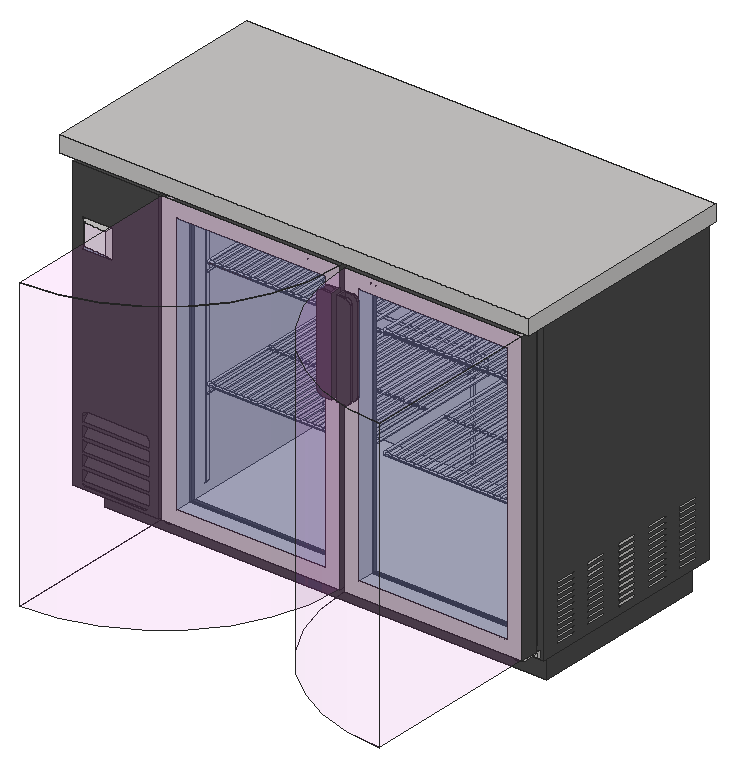
Revit family "QF_Kelvinator_738272_KCHBB48G", category Specialty Equipment, Revit 2021 (continued)
Definition of nested family "KCHBB48S"
  Definition of nested family "Family1"
    Forms (in)
      Extrusion 20, solid
        sketch origin (0, -1.75, 0) x (1, 0, 0) y (0, 0, 1)
          loop
            line (17.1, 28.28433) -> (17.1, 18.28433) -> (18.6, 18.28433) -> (18.6, 28.28433) -> (17.1, 28.28433)
        from 0 to 1.07803
      Extrusion 21, void
        sketch origin (17.1, -1.75, 28.28433) x (0, 1, 0) y (1, 0, 0)
          loop
            line (-0.20136, 0) -> (-0.20136, 1.28125) -> (-0.88809, 1.28125) -> (-0.88809, 0) -> (-0.20136, 0)
        from 0 to 10
      Extrusion 22, void
        sketch origin (0, -1.75, 0) x (1, 0, 0) y (0, 0, 1)
          loop
            line (18.74063, 28.28433) -> (18.74063, 28.45985) -> (16.91722, 28.45985) -> (16.91722, 27.64371) -> (17.08438, 27.64371)
            arc (17.08438, 27.64371) -> (17.27201, 28.0967) -> (17.725, 28.28433) r 0.64062
            line (17.725, 28.28433) -> (18.74063, 28.28433)
          loop
            line (18.74063, 18.28433) -> (17.725, 18.28433)
            arc (17.725, 18.28433) -> (17.27201, 18.47197) -> (17.08438, 18.92496) r 0.64062
            line (17.08438, 18.92496) -> (16.91722, 18.92496) -> (16.91722, 18.10882) -> (18.74063, 18.10882) -> (18.74063, 18.28433)
        from 0 to 1.07803
      Extrusion 23, solid, visible <- "Show Clearance"
        sketch origin (0, 0, 0) x (1, 0, 0) y (0, 1, 0)
          loop
            line (0, -1.75) -> (0, -20.35)
            arc (0, -20.35) -> (13.15219, -14.90219) -> (18.6, -1.75) r 18.6
            line (18.6, -1.75) -> (0, -1.75)
        from 0 to 30.4
    Cuts and joins
      Extrusion 2, Extrusion 3, Extrusion 18, Extrusion 22 cuts Extrusion 1
      joined: Extrusion 6, Extrusion 7, Extrusion 8, Extrusion 9, Extrusion 10, Extrusion 11
      joined: Extrusion 12, Extrusion 13, Extrusion 14, Extrusion 15, Extrusion 16, Extrusion 17
      Extrusion 18, Extrusion 22 cuts Extrusion 4
      Extrusion 18 cuts Extrusion 5
      Extrusion 22 cuts Extrusion 19
      Extrusion 21, Extrusion 22 cuts Extrusion 20
    Lines and regions (in)
      Split face 1
        outline origin (0, -1.75, 30.4) x (-1, 0, 0) y (0, 0, -1)
          loop
            arc (-15.0075, 0.1875) -> (-14.695, 0.5) -> (-15.0075, 0.8125) r 0.3125
            line (-15.0075, 0.8125) -> (-16.10125, 0.8125)
            arc (-16.10125, 0.8125) -> (-16.41375, 0.5) -> (-16.10125, 0.1875) r 0.3125
            line (-16.10125, 0.1875) -> (-15.0075, 0.1875)
      Split face 2
        outline origin (0, -1.75, 30.4) x (-1, 0, 0) y (0, 0, -1)
          loop
            circle (-15.55437, 0.5) r 0.2773
      symbolic lines, visible <- "Show Clearance"
        curve 1: arc (16.10807, -11.05, 0) -> (17.8876, -6.84841, 0) -> (18.59064, -2.34, 0) r 18.6
        curve 2: line (1.02191, -2.34, 0) -> (16.10807, -11.05, 0)
    Dimensions and locks (in)
      equal spacing: plane 3 "LEFT", plane 7 "Center Y", plane 4 "RIGHT"
      "Length": plane 3 "LEFT" to plane 4 "RIGHT"
      equal spacing: plane 5 "FRONT", plane 8 "Center X", plane 1 "BACK"
      "Depth": plane 5 "FRONT" to plane 1 "BACK"
      "Height": plane 6 "TOP" to level
      aligned and locked: level to plane 2
    Automatic sketch dimensions
      Extrusion 1 sketch curve to level = 0"
      Extrusion 1 sketch curve to plane 3 "LEFT" = 0"
      plane 4 "RIGHT" to Extrusion 1 sketch curve = 0"
      Extrusion 1 sketch curve to plane 6 "TOP" = 0"
      Extrusion 2 sketch curve to plane 6 "TOP" = 4.42179"
      Extrusion 2 sketch curve to Extrusion 2 sketch curve = 0.3367"
      Extrusion 2 sketch curve to Extrusion 2 sketch curve = 0.33813"  (x2)
      Extrusion 2 sketch curve to Extrusion 2 sketch curve = 0.09937"  (x2)
      Extrusion 2 sketch curve to Extrusion 2 sketch curve = 0.1008"  (x2)
      plane 12 to Extrusion 2 sketch curve = 4.2715"
      Extrusion 2 sketch curve to Extrusion 2 sketch curve = 0.06211"
      Extrusion 2 sketch curve to Extrusion 2 sketch curve = 0.541"  (x2)
      plane 7 "Center Y" to Extrusion 2 sketch curve = 4.175"
      Extrusion 2 sketch curve to Extrusion 2 sketch curve = 0"
      Extrusion 2 sketch curve to Extrusion 2 sketch curve = 0.47572"
      Extrusion 2 sketch curve to Extrusion 2 sketch curve = 0.063"
      Split face 1 sketch curve to cut or joined group of Extrusion 1, Extrusion 2, Extrusion 3, Extrusion 18, Extrusion 22 = 3/16"
      cut or joined group of Extrusion 1, Extrusion 2, Extrusion 3, Extrusion 18, Extrusion 22 to Split face 1 sketch curve = 0.2873"  (x2)
      Split face 1 sketch curve to cut or joined group of Extrusion 1, Extrusion 2, Extrusion 3, Extrusion 18, Extrusion 22 = 1/32"
      Split face 2 sketch curve to cut or joined group of Extrusion 1, Extrusion 2, Extrusion 3, Extrusion 18, Extrusion 22 = 1/32"
      Split face 2 sketch curve to cut or joined group of Extrusion 1, Extrusion 2, Extrusion 3, Extrusion 18, Extrusion 22 = 0.25958"
      Extrusion 1 to Extrusion 3 sketch curve = 15/32"
      Extrusion 1 to Extrusion 3 sketch curve = 2.78605"
      Extrusion 3 sketch curve to Extrusion 3 sketch curve = 0.51916"
      Extrusion 3 sketch curve to Extrusion 3 sketch curve = 1/16"
      Extrusion 4 sketch curve to plane 1 "BACK" = 0"
      level to Extrusion 4 sketch curve = 0.32425"
      Extrusion 4 sketch curve to plane 6 "TOP" = 0.32575"
      Extrusion 4 sketch curve to Extrusion 4 sketch curve = 1/4"
      Extrusion 5 sketch curve to plane 9 = 0"
      level to Extrusion 5 sketch curve = 0.32425"
      Extrusion 5 sketch curve to plane 6 "TOP" = 0.32575"
      Extrusion 5 sketch curve to Extrusion 5 sketch curve = 1/4"
      Extrusion 6 sketch curve to plane 6 "TOP" = 0"
      Extrusion 6 sketch curve to plane 3 "LEFT" = 0"
      Extrusion 6 sketch curve to plane 10 = 0.12956"
      plane 12 to Extrusion 6 sketch curve = 2 11/16"
      Extrusion 7 sketch curve to plane 9 = 0"
      Extrusion 7 sketch curve to plane 3 "LEFT" = 0"
      plane 12 to Extrusion 7 sketch curve = 0.23886"
      Extrusion 7 sketch curve to plane 8 "Center X" = 1/4"
      Extrusion 8 sketch curve to Extrusion 6 = 0.29232"
      Extrusion 8 sketch curve to Extrusion 6 = 0.45668"
      Extrusion 9 sketch curve to plane 8 "Center X" = 0"
      plane 12 to Extrusion 9 sketch curve = 0.23886"
      Extrusion 10 sketch curve to Extrusion 6 = 0.29232"
      Extrusion 10 sketch curve to Extrusion 6 = 1.45668"
      Extrusion 11 sketch curve to Extrusion 6 = 0.29232"
      Extrusion 11 sketch curve to Extrusion 6 = 0.54332"
      Extrusion 12 sketch curve to level = 0"
      Extrusion 12 sketch curve to plane 3 "LEFT" = 0"
      Extrusion 12 sketch curve to plane 11 = 0.12956"
      plane 12 to Extrusion 12 sketch curve = 2 11/16"
      Extrusion 13 sketch curve to plane 3 "LEFT" = 0"
      Extrusion 13 sketch curve to plane 9 = 0"
      Extrusion 13 sketch curve to plane 8 "Center X" = 1/4"
      Extrusion 13 sketch curve to Extrusion 13 sketch curve = 0.55136"
      Extrusion 14 sketch curve to Extrusion 12 = 0.29232"
      Extrusion 14 sketch curve to Extrusion 12 = 0.45668"
      Extrusion 15 sketch curve to plane 8 "Center X" = 0"
      plane 12 to Extrusion 15 sketch curve = 0.23886"
      Extrusion 16 sketch curve to Extrusion 12 = 0.29232"
      Extrusion 16 sketch curve to Extrusion 12 = 1.45668"
      Extrusion 17 sketch curve to Extrusion 12 = 0.29232"
      Extrusion 17 sketch curve to Extrusion 12 = 0.54332"
      plane 3 "LEFT" to Extrusion 18 sketch curve = 1 1/2"
      Extrusion 18 sketch curve to plane 6 "TOP" = 1 1/2"
      level to Extrusion 18 sketch curve = 1 1/2"
      plane 4 "RIGHT" to Extrusion 18 sketch curve = 1 1/2"
      plane 12 to Extrusion 19 sketch curve = 1 3/16"
      plane 13 to Extrusion 19 sketch curve = 1 3/16"
      level to Extrusion 19 sketch curve = 1 1/2"
      Extrusion 19 sketch curve to plane 6 "TOP" = 1 1/2"
      plane 4 "RIGHT" to Extrusion 20 sketch curve = 0"
      plane 13 to Extrusion 20 sketch curve = 1 3/16"
      Extrusion 20 sketch curve to plane 6 "TOP" = 12.11567"
      Extrusion 20 sketch curve to plane 6 "TOP" = 2.11567"
      Extrusion 21 sketch curve to Extrusion 20 = 0"
      Extrusion 21 sketch curve to Extrusion 20 = 7/32"
      Extrusion 20 to Extrusion 21 sketch curve = 0.18994"
      Extrusion 20 to Extrusion 21 sketch curve = 0.20136"
      Extrusion 22 sketch curve to Extrusion 20 = 0"  (x2)
      Extrusion 22 sketch curve to Extrusion 20 = 0.18278"  (x2)
      Extrusion 22 sketch curve to Extrusion 20 = 1/64"  (x2)
      Extrusion 20 to Extrusion 22 sketch curve = 5/8"  (x2)
      Extrusion 22 sketch curve to Extrusion 20 = 9/64"  (x2)
      Extrusion 22 sketch curve to Extrusion 20 = 0.17552"
      Extrusion 22 sketch curve to Extrusion 22 sketch curve = 0.17552"
      plane 5 "FRONT" to Extrusion 23 sketch curve = 0"
      Extrusion 23 sketch curve to plane 3 "LEFT" = 0"
      Extrusion 23 sketch curve to plane 13 = 5/16"
      curve 1 to plane 3 "LEFT" = 0"
      curve 2 to plane 14 = 0"
      curve 1 to plane 14 = 0"
      plane 5 "FRONT" to curve 1 = 0"
      plane 13 to curve 2 = 2.17943"
      curve 2 to plane 14 = 8.71"
      plane 12 to curve 2 = 0.70941"
      radius of Split face 2 sketch curve = 0.2773"
      radius of Extrusion 8 sketch curve = 1/4"
      radius of Extrusion 9 sketch curve = 1/4"
      radius of Extrusion 10 sketch curve = 1/4"
      radius of Extrusion 11 sketch curve = 1/4"
      radius of Extrusion 14 sketch curve = 1/4"
      radius of Extrusion 15 sketch curve = 1/4"
      radius of Extrusion 16 sketch curve = 1/4"
      radius of Extrusion 17 sketch curve = 1/4"
  Definition of nested family "Family2"
    Parameters (values of type "Family2")
      Weight in Pounds = 0
      URL Cutsheet = ""
      Specification by User = ""
      Specification by Manufacturer = ""
      Serial Number = ""
      Seismic Rating = ""
      SMACNA No = ""
      Revision Code = ""
      NAFEM Spec ID Number = ""
      Masterspec = ""
      Length = 36 1/4"
      Item Number = ""
      Installed By = ""
      Identify Quantity as Lot = yes
      Height = 27"
      Furnished By = ""
      Foodservice Equipment Identifier = yes
      Depth = 17 1/2"
      Default Elevation = 0"
      CSI MasterFormat = ""
    Reference planes (in)
      plane 1 "BACK": y = 0
      plane 2: z = 0
      plane 3 "LEFT": x = 0
      plane 4 "RIGHT": x = 36.25
      plane 5 "FRONT": y = -17.5
      plane 6 "TOP": z = 27
      plane 7 "Center Y": x = 18.125
      plane 8 "Center X": y = -8.75
    Forms (in)
      Sweep 1, solid
        path origin (0, -0.375, -12.5068) x (1, 0, 0) y (0, 1, 0)
          loop
            arc (0.77862, -0.125) -> (0.60184, -0.19822) -> (0.52862, -0.375) r 0.25
            line (0.52862, -0.375) -> (0.52862, -15.625)
            arc (0.52862, -15.625) -> (0.60184, -15.80178) -> (0.77862, -15.875) r 0.25
            line (0.77862, -15.875) -> (17.06095, -15.875)
            arc (17.06095, -15.875) -> (17.23773, -15.80178) -> (17.31095, -15.625) r 0.25
            line (17.31095, -15.625) -> (17.31095, -0.375)
            arc (17.31095, -0.375) -> (17.23773, -0.19822) -> (17.06095, -0.125) r 0.25
            line (17.06095, -0.125) -> (0.77862, -0.125)
        profile origin (8.91979, -0.5, -12.5068) x (0, 1, 0) y (0, 0, 1)
          loop
            circle (0, 33.51221) r 0.125
      Sweep 2, solid
        path origin (0, -0.375, -12.5068) x (1, 0, 0) y (0, 0, 1)
          loop
            line (0.65748, 33.41305) -> (0.65748, 34.5)
            arc (0.65748, 34.5) -> (0.80392, 34.85355) -> (1.15748, 35) r 0.5
            line (1.15748, 35) -> (16.56127, 35)
            arc (16.56127, 35) -> (16.91483, 34.85355) -> (17.06127, 34.5) r 0.5
            line (17.06127, 34.5) -> (17.06127, 33.39548)
        profile origin (1.15748, -0.375, 22.4932) x (0, 0, 1) y (0, -1, 0)
          loop
            circle (0, 0.125) r 0.125
      Extrusion 3, solid
        sketch origin (0, -0.375, -12.5068) x (1, 0, 0) y (0, 0, 1)
          loop
            circle (1.24728, 33.51221) r 0.11607
          loop
            circle (1.99728, 33.51221) r 0.11719
          loop
            circle (2.74728, 33.51221) r 0.11719
          loop
            circle (3.49728, 33.51221) r 0.11719
          loop
            circle (4.24728, 33.51221) r 0.11719
          loop
            circle (4.99728, 33.51221) r 0.11719
          loop
            circle (5.74728, 33.51221) r 0.11719
          loop
            circle (6.49728, 33.51221) r 0.11719
          loop
            circle (7.24728, 33.51221) r 0.11719
          loop
            circle (7.99728, 33.51221) r 0.11719
          loop
            circle (8.74728, 33.51221) r 0.11719
          loop
            circle (12.59103, 33.51221) r 0.11719
          loop
            circle (9.49728, 33.51221) r 0.11719
          loop
            circle (10.24728, 33.51221) r 0.11719
          loop
            circle (10.99728, 33.51221) r 0.11719
          loop
            circle (11.74728, 33.51221) r 0.11719
          loop
            circle (16.44022, 33.51221) r 0.11719
          loop
            circle (15.69022, 33.51221) r 0.11719
          loop
            circle (14.94022, 33.51221) r 0.11719
          loop
            circle (14.19022, 33.51221) r 0.11719
          loop
            circle (13.44022, 33.51221) r 0.11719
        from 0.11338 to 15.87625
      Extrusion 4, solid
        sketch origin (0, -0.375, -12.5068) x (0, 1, 0) y (0, 0, 1)
          loop
            circle (-8, 33.51181) r 0.11366
        from 0.53657 to 17.16169
      Extrusion 5, solid
        sketch origin (17.375, -16, 0) x (1, 0, 0) y (0, 0, 1)
          loop
            line (18.875, 27) -> (18.69822, 26.82322) -> (18.69822, 0.17678) -> (18.875, 0) -> (18.875, 27)
        from 0 to -0.25
      Extrusion 6, solid
        sketch origin (17.375, -0.5, 0) x (1, 0, 0) y (0, 0, -1)
          loop
            line (18.875, -27) -> (18.875, 0) -> (18.69822, -0.17678) -> (18.69822, -26.82322) -> (18.875, -27)
        from 0 to -0.25
      Sweep 7, solid
        path origin (36.25, -0.375, -12.5068) x (-1, 0, 0) y (0, -1, 0)
          loop
            line (0.77862, 0.125) -> (17.06095, 0.125)
            arc (17.06095, 0.125) -> (17.23773, 0.19822) -> (17.31095, 0.375) r 0.25
            line (17.31095, 0.375) -> (17.31095, 15.625)
            arc (17.31095, 15.625) -> (17.23773, 15.80178) -> (17.06095, 15.875) r 0.25
            line (17.06095, 15.875) -> (0.77862, 15.875)
            arc (0.77862, 15.875) -> (0.60184, 15.80178) -> (0.52862, 15.625) r 0.25
            line (0.52862, 15.625) -> (0.52862, 0.375)
            arc (0.52862, 0.375) -> (0.60184, 0.19822) -> (0.77862, 0.125) r 0.25
        profile origin (27.33021, -0.5, -12.5068) x (0, -1, 0) y (0, 0, 1)
          loop
            circle (0, 33.51221) r 0.125
      Sweep 8, solid
        path origin (36.25, -0.375, -12.5068) x (-1, 0, 0) y (0, 0, -1)
          loop
            line (0.65748, -33.41305) -> (0.65748, -34.5)
            arc (0.65748, -34.5) -> (0.80392, -34.85355) -> (1.15748, -35) r 0.5
            line (1.15748, -35) -> (16.56127, -35)
            arc (16.56127, -35) -> (16.91483, -34.85355) -> (17.06127, -34.5) r 0.5
            line (17.06127, -34.5) -> (17.06127, -33.39548)
        profile origin (35.09252, -0.375, 22.4932) x (0, 0, -1) y (0, -1, 0)
          loop
            circle (0, 0.125) r 0.125
      Extrusion 9, solid
        sketch origin (36.25, -0.375, -12.5068) x (-1, 0, 0) y (0, 0, -1)
          loop
            circle (1.24728, -33.51221) r 0.11607
          loop
            circle (1.99728, -33.51221) r 0.11719
          loop
            circle (2.74728, -33.51221) r 0.11719
          loop
            circle (3.49728, -33.51221) r 0.11719
          loop
            circle (4.24728, -33.51221) r 0.11719
          loop
            circle (4.99728, -33.51221) r 0.11719
          loop
            circle (5.74728, -33.51221) r 0.11719
          loop
            circle (6.49728, -33.51221) r 0.11719
          loop
            circle (7.24728, -33.51221) r 0.11719
          loop
            circle (7.99728, -33.51221) r 0.11719
          loop
            circle (8.74728, -33.51221) r 0.11719
          loop
            circle (12.59103, -33.51221) r 0.11719
          loop
            circle (9.49728, -33.51221) r 0.11719
          loop
            circle (10.24728, -33.51221) r 0.11719
          loop
            circle (10.99728, -33.51221) r 0.11719
          loop
            circle (11.74728, -33.51221) r 0.11719
          loop
            circle (16.44022, -33.51221) r 0.11719
          loop
            circle (15.69022, -33.51221) r 0.11719
          loop
            circle (14.94022, -33.51221) r 0.11719
          loop
            circle (14.19022, -33.51221) r 0.11719
          loop
            circle (13.44022, -33.51221) r 0.11719
        from 0.11338 to 15.87625
      Extrusion 10, solid
        sketch origin (36.25, -0.375, -12.5068) x (0, 1, 0) y (0, 0, -1)
          loop
            circle (-8, -33.51181) r 0.11366
        from 0.53657 to 17.16169
      Extrusion 11, solid
        sketch origin (10.98556, -16, -0.25) x (1, 0, 0) y (0, 0, 1)
          loop
            line (25.08766, 9.5) -> (25.08766, 9.625) -> (24.04932, 9.625)
            arc (24.04932, 9.625) -> (24.01474, 9.60189) -> (24.02285, 9.5611) r 0.03743
            line (24.02285, 9.5611) -> (25.08766, 8.49629) -> (25.08766, 8.67306) -> (24.30703, 9.45369)
            arc (24.30703, 9.45369) -> (24.30115, 9.48325) -> (24.32622, 9.5) r 0.02713
            line (24.32622, 9.5) -> (25.08766, 9.5)
          loop
            line (25.08766, 21) -> (25.08766, 21.125) -> (24.04932, 21.125)
            arc (24.04932, 21.125) -> (24.01474, 21.10189) -> (24.02285, 21.0611) r 0.03743
            line (24.02285, 21.0611) -> (25.08766, 19.99629) -> (25.08766, 20.17306) -> (24.30703, 20.95369)
            arc (24.30703, 20.95369) -> (24.30115, 20.98325) -> (24.32622, 21) r 0.02713
            line (24.32622, 21) -> (25.08766, 21)
        from 0 to -0.25
      Extrusion 12, solid
        sketch origin (11.0625, -0.5, -0.25) x (1, 0, 0) y (0, 0, -1)
          loop
            line (25.01072, -9.5) -> (24.24928, -9.5)
            arc (24.24928, -9.5) -> (24.22422, -9.48325) -> (24.2301, -9.45369) r 0.02713
            line (24.2301, -9.45369) -> (25.01072, -8.67306) -> (25.01072, -8.49629) -> (23.94591, -9.5611)
            arc (23.94591, -9.5611) -> (23.9378, -9.60189) -> (23.97238, -9.625) r 0.03743
            line (23.97238, -9.625) -> (25.01072, -9.625) -> (25.01072, -9.5)
          loop
            line (25.01072, -21) -> (24.24928, -21)
            arc (24.24928, -21) -> (24.22422, -20.98325) -> (24.2301, -20.95369) r 0.02713
            line (24.2301, -20.95369) -> (25.01072, -20.17306) -> (25.01072, -19.99629) -> (23.94591, -21.0611)
            arc (23.94591, -21.0611) -> (23.9378, -21.10189) -> (23.97238, -21.125) r 0.03743
            line (23.97238, -21.125) -> (25.01072, -21.125) -> (25.01072, -21)
        from 0 to -0.25
      Extrusion 13, solid
        sketch origin (33.99829, -18.875, 0) x (0, 1, 0) y (0, 0, 1)
          loop
            line (18.875, 27) -> (18.69822, 26.82322) -> (18.69822, 0.17678) -> (18.875, 0) -> (18.875, 27)
        from 0 to -0.25
      Extrusion 14, solid
        sketch origin (33.99829, -25.26444, -0.25) x (0, 1, 0) y (0, 0, 1)
          loop
            line (25.08766, 9.48438) -> (25.08766, 9.60938) -> (24.04932, 9.60938)
            arc (24.04932, 9.60938) -> (24.01474, 9.58627) -> (24.02285, 9.54547) r 0.03743
            line (24.02285, 9.54547) -> (25.08766, 8.48066) -> (25.08766, 8.65744) -> (24.30703, 9.43806)
            arc (24.30703, 9.43806) -> (24.30115, 9.46763) -> (24.32622, 9.48438) r 0.02713
            line (24.32622, 9.48438) -> (25.08766, 9.48438)
          loop
            line (25.08766, 21) -> (25.08766, 21.125) -> (24.04932, 21.125)
            arc (24.04932, 21.125) -> (24.01474, 21.10189) -> (24.02285, 21.0611) r 0.03743
            line (24.02285, 21.0611) -> (25.08766, 19.99629) -> (25.08766, 20.17306) -> (24.30703, 20.95369)
            arc (24.30703, 20.95369) -> (24.30115, 20.98325) -> (24.32622, 21) r 0.02713
            line (24.32622, 21) -> (25.08766, 21)
        from 0 to -0.25
      Sweep 15, solid
        path origin (0, -0.375, -24.0068) x (1, 0, 0) y (0, 1, 0)
          loop
            arc (0.77862, -0.125) -> (0.60184, -0.19822) -> (0.52862, -0.375) r 0.25
            line (0.52862, -0.375) -> (0.52862, -15.625)
            arc (0.52862, -15.625) -> (0.60184, -15.80178) -> (0.77862, -15.875) r 0.25
            line (0.77862, -15.875) -> (17.06095, -15.875)
            arc (17.06095, -15.875) -> (17.23773, -15.80178) -> (17.31095, -15.625) r 0.25
            line (17.31095, -15.625) -> (17.31095, -0.375)
            arc (17.31095, -0.375) -> (17.23773, -0.19822) -> (17.06095, -0.125) r 0.25
            line (17.06095, -0.125) -> (0.77862, -0.125)
        profile origin (8.91979, -0.5, -24.0068) x (0, 1, 0) y (0, 0, 1)
          loop
            circle (0, 33.51221) r 0.125
      Sweep 16, solid
        path origin (0, -0.375, -24.0068) x (1, 0, 0) y (0, 0, 1)
          loop
            line (0.65748, 33.41305) -> (0.65748, 34.5)
            arc (0.65748, 34.5) -> (0.80392, 34.85355) -> (1.15748, 35) r 0.5
            line (1.15748, 35) -> (16.56127, 35)
            arc (16.56127, 35) -> (16.91483, 34.85355) -> (17.06127, 34.5) r 0.5
            line (17.06127, 34.5) -> (17.06127, 33.39548)
        profile origin (1.15748, -0.375, 10.9932) x (0, 0, 1) y (0, -1, 0)
          loop
            circle (0, 0.125) r 0.125
      Extrusion 17, solid
        sketch origin (0, -0.375, -24.0068) x (1, 0, 0) y (0, 0, 1)
          loop
            circle (1.24728, 33.51221) r 0.11607
          loop
            circle (1.99728, 33.51221) r 0.11719
          loop
            circle (2.74728, 33.51221) r 0.11719
          loop
            circle (3.49728, 33.51221) r 0.11719
          loop
            circle (4.24728, 33.51221) r 0.11719
          loop
            circle (4.99728, 33.51221) r 0.11719
          loop
            circle (5.74728, 33.51221) r 0.11719
          loop
            circle (6.49728, 33.51221) r 0.11719
          loop
            circle (7.24728, 33.51221) r 0.11719
          loop
            circle (7.99728, 33.51221) r 0.11719
          loop
            circle (8.74728, 33.51221) r 0.11719
          loop
            circle (12.59103, 33.51221) r 0.11719
          loop
            circle (9.49728, 33.51221) r 0.11719
          loop
            circle (10.24728, 33.51221) r 0.11719
          loop
            circle (10.99728, 33.51221) r 0.11719
          loop
            circle (11.74728, 33.51221) r 0.11719
          loop
            circle (16.44022, 33.51221) r 0.11719
          loop
            circle (15.69022, 33.51221) r 0.11719
          loop
            circle (14.94022, 33.51221) r 0.11719
          loop
            circle (14.19022, 33.51221) r 0.11719
          loop
            circle (13.44022, 33.51221) r 0.11719
        from 0.11338 to 15.87625
      Extrusion 18, solid
        sketch origin (0, -0.375, -24.0068) x (0, 1, 0) y (0, 0, 1)
          loop
            circle (-8, 33.51181) r 0.11366
        from 0.53657 to 17.16169
      Sweep 19, solid
        path origin (36.25, -0.375, -24.0068) x (-1, 0, 0) y (0, -1, 0)
          loop
            line (0.77862, 0.125) -> (17.06095, 0.125)
            arc (17.06095, 0.125) -> (17.23773, 0.19822) -> (17.31095, 0.375) r 0.25
            line (17.31095, 0.375) -> (17.31095, 15.625)
            arc (17.31095, 15.625) -> (17.23773, 15.80178) -> (17.06095, 15.875) r 0.25
            line (17.06095, 15.875) -> (0.77862, 15.875)
            arc (0.77862, 15.875) -> (0.60184, 15.80178) -> (0.52862, 15.625) r 0.25
            line (0.52862, 15.625) -> (0.52862, 0.375)
            arc (0.52862, 0.375) -> (0.60184, 0.19822) -> (0.77862, 0.125) r 0.25
        profile origin (27.33021, -0.5, -24.0068) x (0, -1, 0) y (0, 0, 1)
          loop
            circle (0, 33.51221) r 0.125
      Sweep 20, solid
        path origin (36.25, -0.375, -24.0068) x (-1, 0, 0) y (0, 0, -1)
          loop
            line (0.65748, -33.41305) -> (0.65748, -34.5)
            arc (0.65748, -34.5) -> (0.80392, -34.85355) -> (1.15748, -35) r 0.5
            line (1.15748, -35) -> (16.56127, -35)
            arc (16.56127, -35) -> (16.91483, -34.85355) -> (17.06127, -34.5) r 0.5
            line (17.06127, -34.5) -> (17.06127, -33.39548)
        profile origin (35.09252, -0.375, 10.9932) x (0, 0, -1) y (0, -1, 0)
          loop
            circle (0, 0.125) r 0.125
      Extrusion 21, solid
        sketch origin (36.25, -0.375, -24.0068) x (-1, 0, 0) y (0, 0, -1)
          loop
            circle (1.24728, -33.51221) r 0.11607
          loop
            circle (1.99728, -33.51221) r 0.11719
          loop
            circle (2.74728, -33.51221) r 0.11719
          loop
            circle (3.49728, -33.51221) r 0.11719
          loop
            circle (4.24728, -33.51221) r 0.11719
          loop
            circle (4.99728, -33.51221) r 0.11719
          loop
            circle (5.74728, -33.51221) r 0.11719
          loop
            circle (6.49728, -33.51221) r 0.11719
          loop
            circle (7.24728, -33.51221) r 0.11719
          loop
            circle (7.99728, -33.51221) r 0.11719
          loop
            circle (8.74728, -33.51221) r 0.11719
          loop
            circle (12.59103, -33.51221) r 0.11719
          loop
            circle (9.49728, -33.51221) r 0.11719
          loop
            circle (10.24728, -33.51221) r 0.11719
          loop
            circle (10.99728, -33.51221) r 0.11719
          loop
            circle (11.74728, -33.51221) r 0.11719
          loop
            circle (16.44022, -33.51221) r 0.11719
          loop
            circle (15.69022, -33.51221) r 0.11719
          loop
            circle (14.94022, -33.51221) r 0.11719
          loop
            circle (14.19022, -33.51221) r 0.11719
          loop
            circle (13.44022, -33.51221) r 0.11719
        from 0.11338 to 15.87625
      Extrusion 22, solid
        sketch origin (36.25, -0.375, -24.0068) x (0, 1, 0) y (0, 0, -1)
          loop
            circle (-8, -33.51181) r 0.11366
        from 0.53657 to 17.16169
      Extrusion 23, solid
        sketch origin (21.06079, -18.875, 0) x (0, 1, 0) y (0, 0, 1)
          loop
            line (18.875, 27) -> (18.69822, 26.82322) -> (18.69822, 0.17678) -> (18.875, 0) -> (18.875, 27)
        from 0 to -0.25
      Extrusion 24, solid
        sketch origin (21.06079, -25.26444, -0.25) x (0, 1, 0) y (0, 0, 1)
          loop
            line (25.08766, 9.48438) -> (25.08766, 9.60938) -> (24.04932, 9.60938)
            arc (24.04932, 9.60938) -> (24.01474, 9.58627) -> (24.02285, 9.54547) r 0.03743
            line (24.02285, 9.54547) -> (25.08766, 8.48066) -> (25.08766, 8.65744) -> (24.30703, 9.43806)
            arc (24.30703, 9.43806) -> (24.30115, 9.46763) -> (24.32622, 9.48438) r 0.02713
            line (24.32622, 9.48438) -> (25.08766, 9.48438)
          loop
            line (25.08766, 21) -> (25.08766, 21.125) -> (24.04932, 21.125)
            arc (24.04932, 21.125) -> (24.01474, 21.10189) -> (24.02285, 21.0611) r 0.03743
            line (24.02285, 21.0611) -> (25.08766, 19.99629) -> (25.08766, 20.17306) -> (24.30703, 20.95369)
            arc (24.30703, 20.95369) -> (24.30115, 20.98325) -> (24.32622, 21) r 0.02713
            line (24.32622, 21) -> (25.08766, 21)
        from 0 to -0.25
      Extrusion 25, solid
        sketch origin (18.875, -16, 0) x (-1, 0, 0) y (0, 0, -1)
          loop
            line (18.875, -27) -> (18.875, 0) -> (18.69822, -0.17678) -> (18.69822, -26.82322) -> (18.875, -27)
        from 0 to -0.25
      Extrusion 26, solid
        sketch origin (18.875, -0.5, 0) x (-1, 0, 0) y (0, 0, 1)
          loop
            line (18.875, 27) -> (18.69822, 26.82322) -> (18.69822, 0.17678) -> (18.875, 0) -> (18.875, 27)
        from 0 to -0.25
      Extrusion 27, solid
        sketch origin (25.26444, -16, -0.25) x (-1, 0, 0) y (0, 0, -1)
          loop
            line (25.08766, -9.5) -> (24.32622, -9.5)
            arc (24.32622, -9.5) -> (24.30115, -9.48325) -> (24.30703, -9.45369) r 0.02713
            line (24.30703, -9.45369) -> (25.08766, -8.67306) -> (25.08766, -8.49629) -> (24.02285, -9.5611)
            arc (24.02285, -9.5611) -> (24.01474, -9.60189) -> (24.04932, -9.625) r 0.03743
            line (24.04932, -9.625) -> (25.08766, -9.625) -> (25.08766, -9.5)
          loop
            line (25.08766, -21) -> (24.32622, -21)
            arc (24.32622, -21) -> (24.30115, -20.98325) -> (24.30703, -20.95369) r 0.02713
            line (24.30703, -20.95369) -> (25.08766, -20.17306) -> (25.08766, -19.99629) -> (24.02285, -21.0611)
            arc (24.02285, -21.0611) -> (24.01474, -21.10189) -> (24.04932, -21.125) r 0.03743
            line (24.04932, -21.125) -> (25.08766, -21.125) -> (25.08766, -21)
        from 0 to -0.25
      Extrusion 28, solid
        sketch origin (25.1875, -0.5, -0.25) x (-1, 0, 0) y (0, 0, 1)
          loop
            line (25.01072, 9.5) -> (25.01072, 9.625) -> (23.97238, 9.625)
            arc (23.97238, 9.625) -> (23.9378, 9.60189) -> (23.94591, 9.5611) r 0.03743
            line (23.94591, 9.5611) -> (25.01072, 8.49629) -> (25.01072, 8.67306) -> (24.2301, 9.45369)
            arc (24.2301, 9.45369) -> (24.22422, 9.48325) -> (24.24928, 9.5) r 0.02713
            line (24.24928, 9.5) -> (25.01072, 9.5)
          loop
            line (25.01072, 21) -> (25.01072, 21.125) -> (23.97238, 21.125)
            arc (23.97238, 21.125) -> (23.9378, 21.10189) -> (23.94591, 21.0611) r 0.03743
            line (23.94591, 21.0611) -> (25.01072, 19.99629) -> (25.01072, 20.17306) -> (24.2301, 20.95369)
            arc (24.2301, 20.95369) -> (24.22422, 20.98325) -> (24.24928, 21) r 0.02713
            line (24.24928, 21) -> (25.01072, 21)
        from 0 to -0.25
      Extrusion 29, solid
        sketch origin (2.25171, -18.875, 0) x (0, 1, 0) y (0, 0, -1)
          loop
            line (18.875, -27) -> (18.875, 0) -> (18.69822, -0.17678) -> (18.69822, -26.82322) -> (18.875, -27)
        from 0 to -0.25
      Extrusion 30, solid
        sketch origin (2.25171, -25.26444, -0.25) x (0, 1, 0) y (0, 0, -1)
          loop
            line (25.08766, -9.48438) -> (24.32622, -9.48438)
            arc (24.32622, -9.48438) -> (24.30115, -9.46763) -> (24.30703, -9.43806) r 0.02713
            line (24.30703, -9.43806) -> (25.08766, -8.65744) -> (25.08766, -8.48066) -> (24.02285, -9.54547)
            arc (24.02285, -9.54547) -> (24.01474, -9.58627) -> (24.04932, -9.60938) r 0.03743
            line (24.04932, -9.60938) -> (25.08766, -9.60938) -> (25.08766, -9.48438)
          loop
            line (25.08766, -21) -> (24.32622, -21)
            arc (24.32622, -21) -> (24.30115, -20.98325) -> (24.30703, -20.95369) r 0.02713
            line (24.30703, -20.95369) -> (25.08766, -20.17306) -> (25.08766, -19.99629) -> (24.02285, -21.0611)
            arc (24.02285, -21.0611) -> (24.01474, -21.10189) -> (24.04932, -21.125) r 0.03743
            line (24.04932, -21.125) -> (25.08766, -21.125) -> (25.08766, -21)
        from 0 to -0.25
      Extrusion 31, solid
        sketch origin (15.18921, -18.875, 0) x (0, 1, 0) y (0, 0, -1)
          loop
            line (18.875, -27) -> (18.875, 0) -> (18.69822, -0.17678) -> (18.69822, -26.82322) -> (18.875, -27)
        from 0 to -0.25
      Extrusion 32, solid
        sketch origin (15.18921, -25.26444, -0.25) x (0, 1, 0) y (0, 0, -1)
          loop
            line (25.08766, -9.48438) -> (24.32622, -9.48438)
            arc (24.32622, -9.48438) -> (24.30115, -9.46763) -> (24.30703, -9.43806) r 0.02713
            line (24.30703, -9.43806) -> (25.08766, -8.65744) -> (25.08766, -8.48066) -> (24.02285, -9.54547)
            arc (24.02285, -9.54547) -> (24.01474, -9.58627) -> (24.04932, -9.60938) r 0.03743
            line (24.04932, -9.60938) -> (25.08766, -9.60938) -> (25.08766, -9.48438)
          loop
            line (25.08766, -21) -> (24.32622, -21)
            arc (24.32622, -21) -> (24.30115, -20.98325) -> (24.30703, -20.95369) r 0.02713
            line (24.30703, -20.95369) -> (25.08766, -20.17306) -> (25.08766, -19.99629) -> (24.02285, -21.0611)
            arc (24.02285, -21.0611) -> (24.01474, -21.10189) -> (24.04932, -21.125) r 0.03743
            line (24.04932, -21.125) -> (25.08766, -21.125) -> (25.08766, -21)
        from 0 to -0.25
    Dimensions and locks (in)
      equal spacing: plane 3 "LEFT", plane 7 "Center Y", plane 4 "RIGHT"
      "Length": plane 3 "LEFT" to plane 4 "RIGHT"
      equal spacing: plane 5 "FRONT", plane 8 "Center X", plane 1 "BACK"
      "Depth": plane 5 "FRONT" to plane 1 "BACK"
      "Height": plane 6 "TOP" to level
      aligned and locked: level to plane 2
    Automatic sketch dimensions
      plane 3 "LEFT" to Sweep 1 sketch curve = 0.52862"
      Sweep 1 sketch curve to Sweep 1 sketch curve = 1/4"  (x3)
      plane 1 "BACK" to Sweep 1 sketch curve = 1/2"
      Sweep 1 sketch curve to plane 7 "Center Y" = 1.06405"  (x2)
      Sweep 1 sketch curve to plane 5 "FRONT" = 1 1/2"
      Sweep 1 sketch curve to profile plane = 0"
      profile plane to Sweep 1 sketch curve = 33.51221"
      plane 3 "LEFT" to Sweep 2 sketch curve = 0.65748"
      Sweep 2 sketch curve to Sweep 2 sketch curve = 1/2"  (x2)
      Sweep 2 sketch curve to plane 7 "Center Y" = 1.56373"
      Sweep 2 sketch curve to plane 6 "TOP" = 5.0068"
      Sweep 2 sketch curve to Sweep 2 sketch curve = 1.08695"
      Sweep 2 sketch curve to Sweep 2 sketch curve = 1.10452"
      profile plane to Sweep 2 sketch curve = 0"
      profile plane to Sweep 2 sketch curve = 1/8"
      plane 3 "LEFT" to Extrusion 3 sketch curve = 1.24728"
      Extrusion 3 sketch curve to Extrusion 3 sketch curve = 3/4"  (x18)
      Extrusion 3 sketch curve to Extrusion 3 sketch curve = 27/32"
      Extrusion 3 sketch curve to Extrusion 3 sketch curve = 0.8492"
      Extrusion 3 sketch curve to plane 6 "TOP" = 5.99459"
      Extrusion 3 sketch curve to Extrusion 3 sketch curve = 0"  (x20)
      plane 8 "Center X" to Extrusion 4 sketch curve = 3/8"
      Extrusion 4 sketch curve to plane 6 "TOP" = 5.99499"
      plane 4 "RIGHT" to Extrusion 5 sketch curve = 0"
      Extrusion 5 sketch curve to level = 0"
      Extrusion 5 sketch curve to plane 6 "TOP" = 0"
      plane 4 "RIGHT" to Extrusion 5 sketch curve = 0.17678"
      level to Extrusion 5 sketch curve = 0.17678"
      Extrusion 5 sketch curve to plane 6 "TOP" = 0.17678"
      plane 4 "RIGHT" to Extrusion 6 sketch curve = 0"
      Extrusion 6 sketch curve to plane 6 "TOP" = 0"
      Extrusion 6 sketch curve to level = 0"
      plane 4 "RIGHT" to Extrusion 6 sketch curve = 0.17678"
      Extrusion 6 sketch curve to plane 6 "TOP" = 0.17678"
      level to Extrusion 6 sketch curve = 0.17678"
      plane 4 "RIGHT" to Sweep 7 sketch curve = 0.52862"
      Sweep 7 sketch curve to Sweep 7 sketch curve = 1/4"  (x3)
      plane 1 "BACK" to Sweep 7 sketch curve = 1/2"
      plane 7 "Center Y" to Sweep 7 sketch curve = 1.06405"  (x2)
      Sweep 7 sketch curve to plane 5 "FRONT" = 1 1/2"
      Sweep 7 sketch curve to profile plane = 0"
      profile plane to Sweep 7 sketch curve = 33.51221"
      plane 4 "RIGHT" to Sweep 8 sketch curve = 0.65748"
      Sweep 8 sketch curve to Sweep 8 sketch curve = 1/2"  (x2)
      plane 7 "Center Y" to Sweep 8 sketch curve = 1.56373"
      Sweep 8 sketch curve to plane 6 "TOP" = 4.5068"
      Sweep 8 sketch curve to Sweep 8 sketch curve = 1.08695"
      Sweep 8 sketch curve to Sweep 8 sketch curve = 1.10452"
      Sweep 8 sketch curve to profile plane = 0"
      profile plane to Sweep 8 sketch curve = 1/8"
      plane 4 "RIGHT" to Extrusion 9 sketch curve = 1.24728"
      Extrusion 9 sketch curve to Extrusion 9 sketch curve = 3/4"  (x18)
      Extrusion 9 sketch curve to Extrusion 9 sketch curve = 27/32"
      Extrusion 9 sketch curve to Extrusion 9 sketch curve = 0.8492"
      Extrusion 9 sketch curve to plane 6 "TOP" = 5.99459"
      Extrusion 9 sketch curve to Extrusion 9 sketch curve = 0"  (x20)
      plane 8 "Center X" to Extrusion 10 sketch curve = 3/8"
      Extrusion 10 sketch curve to plane 6 "TOP" = 5.99499"
      plane 4 "RIGHT" to Extrusion 11 sketch curve = 1.24159"  (x2)
      Extrusion 11 sketch curve to Extrusion 11 sketch curve = 0.02647"  (x4)
      Extrusion 11 sketch curve to Extrusion 11 sketch curve = 0.25771"  (x2)
      Extrusion 11 sketch curve to Extrusion 11 sketch curve = 0.01918"  (x4)
      plane 4 "RIGHT" to Extrusion 11 sketch curve = 0.17678"  (x4)
      level to Extrusion 11 sketch curve = 8.24629"
      Extrusion 11 sketch curve to Extrusion 11 sketch curve = 0.17678"  (x2)
      Extrusion 11 sketch curve to Extrusion 11 sketch curve = 0.78063"  (x2)
      Extrusion 11 sketch curve to Extrusion 11 sketch curve = 0.10741"  (x2)
      Extrusion 11 sketch curve to plane 6 "TOP" = 7.25371"
      plane 4 "RIGHT" to Extrusion 12 sketch curve = 1.24159"  (x2)
      Extrusion 12 sketch curve to Extrusion 12 sketch curve = 0.02647"  (x2)
      Extrusion 12 sketch curve to Extrusion 12 sketch curve = 0.25771"  (x2)
      Extrusion 12 sketch curve to Extrusion 12 sketch curve = 0.01918"  (x2)
      plane 4 "RIGHT" to Extrusion 12 sketch curve = 0.17678"  (x4)
      Extrusion 12 sketch curve to plane 6 "TOP" = 6 1/8"
      Extrusion 12 sketch curve to Extrusion 12 sketch curve = 0.03743"  (x2)
      Extrusion 12 sketch curve to Extrusion 12 sketch curve = 1/8"  (x2)
      Extrusion 12 sketch curve to Extrusion 12 sketch curve = 0.02713"  (x2)
      Extrusion 12 sketch curve to Extrusion 12 sketch curve = 0.82694"  (x2)
      Extrusion 12 sketch curve to Extrusion 12 sketch curve = 0.17678"  (x2)
      level to Extrusion 12 sketch curve = 9 3/8"
      Extrusion 13 sketch curve to plane 1 "BACK" = 0"
      Extrusion 13 sketch curve to level = 0"
      Extrusion 13 sketch curve to plane 6 "TOP" = 0"
      plane 1 "BACK" to Extrusion 13 sketch curve = 0.17678"
      level to Extrusion 13 sketch curve = 0.17678"
      Extrusion 13 sketch curve to plane 6 "TOP" = 0.17678"
      plane 1 "BACK" to Extrusion 14 sketch curve = 1.24159"  (x2)
      Extrusion 14 sketch curve to Extrusion 14 sketch curve = 0.02647"  (x4)
      Extrusion 14 sketch curve to Extrusion 14 sketch curve = 0.25771"  (x2)
      Extrusion 14 sketch curve to Extrusion 14 sketch curve = 0.01918"  (x4)
      plane 1 "BACK" to Extrusion 14 sketch curve = 0.17678"  (x4)
      level to Extrusion 14 sketch curve = 8.23066"
      Extrusion 14 sketch curve to Extrusion 14 sketch curve = 0.17678"  (x2)
      Extrusion 14 sketch curve to Extrusion 14 sketch curve = 0.78063"  (x2)
      Extrusion 14 sketch curve to Extrusion 14 sketch curve = 0.10741"  (x2)
      Extrusion 14 sketch curve to plane 6 "TOP" = 7.25371"
      plane 3 "LEFT" to Sweep 15 sketch curve = 0.52862"
      Sweep 15 sketch curve to Sweep 15 sketch curve = 1/4"  (x3)
      plane 1 "BACK" to Sweep 15 sketch curve = 1/2"
      Sweep 15 sketch curve to plane 7 "Center Y" = 1.06405"  (x2)
      Sweep 15 sketch curve to plane 5 "FRONT" = 1 1/2"
      Sweep 15 sketch curve to profile plane = 0"
      profile plane to Sweep 15 sketch curve = 33.51221"
      plane 3 "LEFT" to Sweep 16 sketch curve = 0.65748"
      Sweep 16 sketch curve to Sweep 16 sketch curve = 1/2"  (x2)
      Sweep 16 sketch curve to plane 7 "Center Y" = 1.56373"
      level to Sweep 16 sketch curve = 10.4932"
      Sweep 16 sketch curve to Sweep 16 sketch curve = 1.08695"
      Sweep 16 sketch curve to Sweep 16 sketch curve = 1.10452"
      profile plane to Sweep 16 sketch curve = 0"
      profile plane to Sweep 16 sketch curve = 1/8"
      plane 3 "LEFT" to Extrusion 17 sketch curve = 1.24728"
      Extrusion 17 sketch curve to Extrusion 17 sketch curve = 3/4"  (x18)
      Extrusion 17 sketch curve to Extrusion 17 sketch curve = 27/32"
      Extrusion 17 sketch curve to Extrusion 17 sketch curve = 0.8492"
      level to Extrusion 17 sketch curve = 9.50541"
      Extrusion 17 sketch curve to Extrusion 17 sketch curve = 0"  (x20)
      plane 8 "Center X" to Extrusion 18 sketch curve = 3/8"
      level to Extrusion 18 sketch curve = 9.50501"
      plane 4 "RIGHT" to Sweep 19 sketch curve = 0.52862"
      Sweep 19 sketch curve to Sweep 19 sketch curve = 1/4"  (x3)
      plane 1 "BACK" to Sweep 19 sketch curve = 1/2"
      plane 7 "Center Y" to Sweep 19 sketch curve = 1.06405"  (x2)
      Sweep 19 sketch curve to plane 5 "FRONT" = 1 1/2"
      Sweep 19 sketch curve to profile plane = 0"
      profile plane to Sweep 19 sketch curve = 33.51221"
      plane 4 "RIGHT" to Sweep 20 sketch curve = 0.65748"
      Sweep 20 sketch curve to Sweep 20 sketch curve = 1/2"  (x2)
      plane 7 "Center Y" to Sweep 20 sketch curve = 1.56373"
      level to Sweep 20 sketch curve = 10.9932"
      Sweep 20 sketch curve to Sweep 20 sketch curve = 1.08695"
      Sweep 20 sketch curve to Sweep 20 sketch curve = 1.10452"
      Sweep 20 sketch curve to profile plane = 0"
      profile plane to Sweep 20 sketch curve = 1/8"
      plane 4 "RIGHT" to Extrusion 21 sketch curve = 1.24728"
      Extrusion 21 sketch curve to Extrusion 21 sketch curve = 3/4"  (x18)
      Extrusion 21 sketch curve to Extrusion 21 sketch curve = 27/32"
      Extrusion 21 sketch curve to Extrusion 21 sketch curve = 0.8492"
      level to Extrusion 21 sketch curve = 9.50541"
      Extrusion 21 sketch curve to Extrusion 21 sketch curve = 0"  (x20)
      plane 8 "Center X" to Extrusion 22 sketch curve = 3/8"
      level to Extrusion 22 sketch curve = 9.50501"
      Extrusion 23 sketch curve to plane 1 "BACK" = 0"
      Extrusion 23 sketch curve to level = 0"
      Extrusion 23 sketch curve to plane 6 "TOP" = 0"
      plane 1 "BACK" to Extrusion 23 sketch curve = 0.17678"
      level to Extrusion 23 sketch curve = 0.17678"
      Extrusion 23 sketch curve to plane 6 "TOP" = 0.17678"
      plane 1 "BACK" to Extrusion 24 sketch curve = 1.24159"  (x2)
      Extrusion 24 sketch curve to Extrusion 24 sketch curve = 0.02647"  (x4)
      Extrusion 24 sketch curve to Extrusion 24 sketch curve = 0.25771"  (x2)
      Extrusion 24 sketch curve to Extrusion 24 sketch curve = 0.01918"  (x4)
      plane 1 "BACK" to Extrusion 24 sketch curve = 0.17678"  (x4)
      level to Extrusion 24 sketch curve = 8.23066"
      Extrusion 24 sketch curve to Extrusion 24 sketch curve = 0.17678"  (x2)
      Extrusion 24 sketch curve to Extrusion 24 sketch curve = 0.78063"  (x2)
      Extrusion 24 sketch curve to Extrusion 24 sketch curve = 0.10741"  (x2)
      Extrusion 24 sketch curve to plane 6 "TOP" = 7.25371"
      Extrusion 25 sketch curve to plane 3 "LEFT" = 0"
      Extrusion 25 sketch curve to plane 6 "TOP" = 0"
      Extrusion 25 sketch curve to level = 0"
      plane 3 "LEFT" to Extrusion 25 sketch curve = 0.17678"
      Extrusion 25 sketch curve to plane 6 "TOP" = 0.17678"
      level to Extrusion 25 sketch curve = 0.17678"
      Extrusion 26 sketch curve to plane 3 "LEFT" = 0"
      Extrusion 26 sketch curve to level = 0"
      Extrusion 26 sketch curve to plane 6 "TOP" = 0"
      plane 3 "LEFT" to Extrusion 26 sketch curve = 0.17678"
      level to Extrusion 26 sketch curve = 0.17678"
      Extrusion 26 sketch curve to plane 6 "TOP" = 0.17678"
      plane 3 "LEFT" to Extrusion 27 sketch curve = 1.24159"  (x2)
      Extrusion 27 sketch curve to Extrusion 27 sketch curve = 0.02647"  (x2)
      Extrusion 27 sketch curve to Extrusion 27 sketch curve = 0.25771"  (x2)
      Extrusion 27 sketch curve to Extrusion 27 sketch curve = 0.01918"  (x2)
      plane 3 "LEFT" to Extrusion 27 sketch curve = 0.17678"  (x4)
      Extrusion 27 sketch curve to plane 6 "TOP" = 6 1/8"
      Extrusion 27 sketch curve to Extrusion 27 sketch curve = 0.03743"  (x2)
      Extrusion 27 sketch curve to Extrusion 27 sketch curve = 1/8"  (x2)
      Extrusion 27 sketch curve to Extrusion 27 sketch curve = 0.02713"  (x2)
      Extrusion 27 sketch curve to Extrusion 27 sketch curve = 0.82694"  (x2)
      Extrusion 27 sketch curve to Extrusion 27 sketch curve = 0.17678"  (x2)
      level to Extrusion 27 sketch curve = 9 3/8"
      plane 3 "LEFT" to Extrusion 28 sketch curve = 1.24159"  (x2)
      Extrusion 28 sketch curve to Extrusion 28 sketch curve = 0.02647"  (x4)
      Extrusion 28 sketch curve to Extrusion 28 sketch curve = 0.25771"  (x2)
      Extrusion 28 sketch curve to Extrusion 28 sketch curve = 0.01918"  (x4)
      plane 3 "LEFT" to Extrusion 28 sketch curve = 0.17678"  (x4)
      level to Extrusion 28 sketch curve = 8.24629"
      Extrusion 28 sketch curve to Extrusion 28 sketch curve = 0.17678"  (x2)
      Extrusion 28 sketch curve to Extrusion 28 sketch curve = 0.78063"  (x2)
      Extrusion 28 sketch curve to Extrusion 28 sketch curve = 0.10741"  (x2)
      Extrusion 28 sketch curve to plane 6 "TOP" = 7.25371"
      Extrusion 29 sketch curve to plane 1 "BACK" = 0"
      Extrusion 29 sketch curve to plane 6 "TOP" = 0"
      Extrusion 29 sketch curve to level = 0"
      plane 1 "BACK" to Extrusion 29 sketch curve = 0.17678"
      Extrusion 29 sketch curve to plane 6 "TOP" = 0.17678"
      level to Extrusion 29 sketch curve = 0.17678"
      plane 1 "BACK" to Extrusion 30 sketch curve = 1.24159"  (x2)
      Extrusion 30 sketch curve to Extrusion 30 sketch curve = 0.02647"  (x2)
      Extrusion 30 sketch curve to Extrusion 30 sketch curve = 0.25771"  (x2)
      Extrusion 30 sketch curve to Extrusion 30 sketch curve = 0.01918"  (x2)
      plane 1 "BACK" to Extrusion 30 sketch curve = 0.17678"  (x4)
      Extrusion 30 sketch curve to plane 6 "TOP" = 6 1/8"
      Extrusion 30 sketch curve to Extrusion 30 sketch curve = 0.03743"  (x2)
      Extrusion 30 sketch curve to Extrusion 30 sketch curve = 1/8"  (x2)
      Extrusion 30 sketch curve to Extrusion 30 sketch curve = 0.02713"  (x2)
      Extrusion 30 sketch curve to Extrusion 30 sketch curve = 0.82694"  (x2)
      Extrusion 30 sketch curve to Extrusion 30 sketch curve = 0.17678"  (x2)
      level to Extrusion 30 sketch curve = 9 23/64"
      Extrusion 31 sketch curve to plane 1 "BACK" = 0"
      Extrusion 31 sketch curve to plane 6 "TOP" = 0"
      Extrusion 31 sketch curve to level = 0"
      plane 1 "BACK" to Extrusion 31 sketch curve = 0.17678"
      Extrusion 31 sketch curve to plane 6 "TOP" = 0.17678"
      level to Extrusion 31 sketch curve = 0.17678"
      plane 1 "BACK" to Extrusion 32 sketch curve = 1.24159"  (x2)
      Extrusion 32 sketch curve to Extrusion 32 sketch curve = 0.02647"  (x2)
      Extrusion 32 sketch curve to Extrusion 32 sketch curve = 0.25771"  (x2)
      Extrusion 32 sketch curve to Extrusion 32 sketch curve = 0.01918"  (x2)
      plane 1 "BACK" to Extrusion 32 sketch curve = 0.17678"  (x4)
      Extrusion 32 sketch curve to plane 6 "TOP" = 6 1/8"
      Extrusion 32 sketch curve to Extrusion 32 sketch curve = 0.03743"  (x2)
      Extrusion 32 sketch curve to Extrusion 32 sketch curve = 1/8"  (x2)
      Extrusion 32 sketch curve to Extrusion 32 sketch curve = 0.02713"  (x2)
      Extrusion 32 sketch curve to Extrusion 32 sketch curve = 0.82694"  (x2)
      Extrusion 32 sketch curve to Extrusion 32 sketch curve = 0.17678"  (x2)
      level to Extrusion 32 sketch curve = 9 23/64"
      radius of Sweep 1 sketch curve = 1/8"
      radius of Sweep 2 sketch curve = 1/8"
      radius of Extrusion 3 sketch curve = 0.11607"
      radius of Extrusion 3 sketch curve = 15/128"  (x20)
      radius of Extrusion 4 sketch curve = 0.11366"
      radius of Sweep 7 sketch curve = 1/8"
      radius of Sweep 8 sketch curve = 1/8"
      radius of Extrusion 9 sketch curve = 0.11607"
      radius of Extrusion 9 sketch curve = 15/128"  (x20)
      radius of Extrusion 10 sketch curve = 0.11366"
      radius of Sweep 15 sketch curve = 1/8"
      radius of Sweep 16 sketch curve = 1/8"
      radius of Extrusion 17 sketch curve = 0.11607"
      radius of Extrusion 17 sketch curve = 15/128"  (x20)
      radius of Extrusion 18 sketch curve = 0.11366"
      radius of Sweep 19 sketch curve = 1/8"
      radius of Sweep 20 sketch curve = 1/8"
      radius of Extrusion 21 sketch curve = 0.11607"
      radius of Extrusion 21 sketch curve = 15/128"  (x20)
      radius of Extrusion 22 sketch curve = 0.11366"
